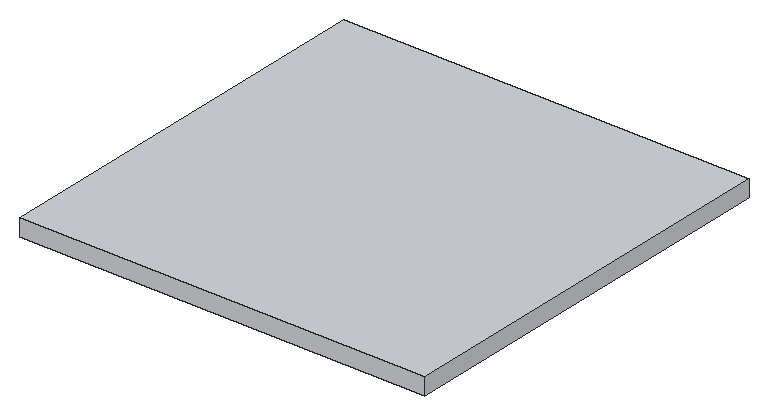
Revit family
Parameters (values of type "Sound Silencer Ceiling")
  URL = "www.acousticalsurfaces.com"
  Type Comments = ""
  Model = "Sound Silencer For Ceiling 2'x2'x1\""
  Manufacturer = "Acoustical Surfaces 1800-854-2948"
  Description = "Acoustical Ceiling tile "
  Assembly Code = ""
Types (2): name | Type Comments | Model | Manufacturer | Description
  dBA Acoustical Ceiling Panal | "1\"" | "dBA Panel" | "Acoustical Surfaces" | ""
  Sound Silencer Ceiling | "" | "Sound Silencer For Ceiling 2'x2'x1\"" | "Acoustical Surfaces 1800-854-2948" | "Acoustical Ceiling tile "
Reference planes (in)
  plane 1 "Center (Front/Back)": y = 0
  plane 2 "Ceiling": z = 96
  plane 3 "Center (Left/Right)": x = 0
Forms (in)
  Extrusion 1, solid
    sketch origin (0, 0, 95) x (1, 0, 0) y (0, 1, 0)
      loop
        line (-12, 12) -> (-12, -12) -> (12, -12) -> (12, 12) -> (-12, 12)
    from 0 to 1
Lines and regions (in)
  sketch lines
    curve 1: line (-60, 60, 0) -> (60, 60, 0)
    curve 2: line (-60, 60, 0) -> (-60, -60, 0)
    curve 3: line (-60, -60, 0) -> (60, -60, 0)
    curve 4: line (60, 60, 0) -> (60, -60, 0)
Dimensions and locks (in)
  equal spacing: curve 2, plane 3 "Center (Left/Right)", curve 4
  equal spacing: curve 3, plane 1 "Center (Front/Back)", curve 1
  curve 2 to curve 4 = 10' - 0"
  curve 3 to curve 1 = 10' - 0"
